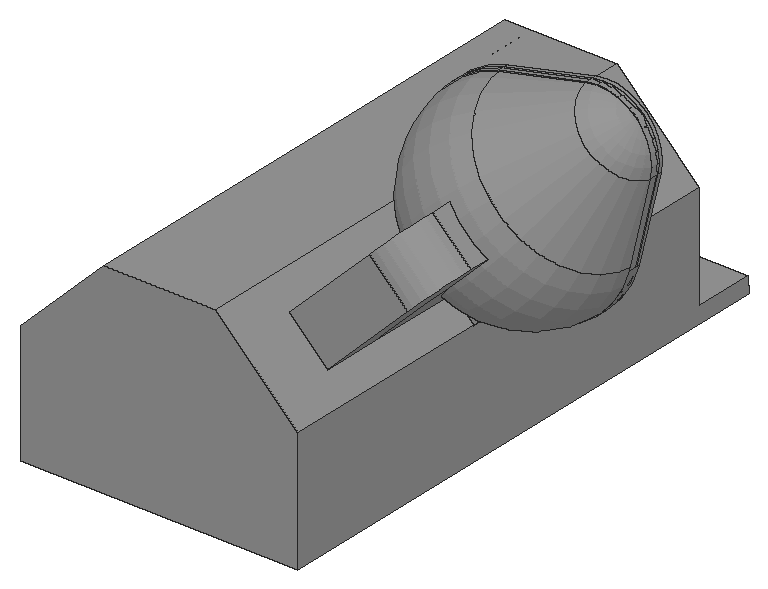
Revit family "Combination-Willoughby-ECW-1847-L-R-ON", category Plumbing Fixtures, Revit 2015
Parameters (values of type "Standard")
  Waste DIA = 2 3/8"
  Waste Connection = yes
  Vent Connection = no
  URL = "https://www.willoughby-ind.com/wp-content/uploads/2017/12/1847.pdf"
  Type Comments = ""
  Revision = "A"
  Lav Waste DIA = 1 1/2"
  Lav Waste Connection = yes
  HW Connection = no
  Flush Inlet DIA = 1 1/2"
  Flush Inlet Connection = yes
  Fixture Body = Stainless Steel AISI 304-Willoughby
  Model = "ECW-1847-L-R-ON"
  Manufacturer = "Willoughby Indistries"
  Description = "1847 Combination Unit, Wall toilet waste outlet, Right toilet, Left Lav. Bowl, On Floor mounted"
  Default Elevation = 0' - 0"
  Contact = "(800) 248-4065"
  CW Connection = no
Reference planes (in)
  plane 1 "Center (Front/Back)": y = 0
  plane 2: z = 0
  plane 3 "Center (Left/Right)": x = 0
  plane 4: x = 3.59375
  plane 5: x = -3.59375
  plane 6: x = 9
  plane 7: x = -9
  plane 8: z = 7.9375
  plane 9: z = 13.25
  plane 10: z = 1.0625
  plane 11 "Lav. Waste Right Opt.": x = 2.25
  plane 12: y = 11.5
  plane 13: y = 15
  plane 14: y = 20.5
  plane 15: y = 24.5
  plane 16 "Flush Inlet Left Opt.": x = 6.375
  plane 17 "Lav. WasteLeft Opt.": x = -2.25
  plane 18: x = -6.375
  plane 19: through (25.82094, 15.25, 8.1905) normal (0.7071, 0, 0.7071)
  plane 20: through (24.3858, 15.25, 16.51993) normal (0.7071, 0, 0.7071)
  plane 21: through (18.18448, 15.25, 18.10708) normal (0.7071, 0, -0.7071)
  plane 22: through (13.94184, 15.25, 22.34972) normal (0.7071, 0, -0.7071)
  plane 23: z = -3
Forms (in)
  Extrusion 1, solid, material "Stainless Steel AISI 304-Willoughby" <- "Fixture Body"
    sketch origin (0, 0, 0) x (1, 0, 0) y (0, 0, 1)
      loop
        line (9, 0) -> (9, 7.9375) -> (3.6875, 13.25) -> (-3.59375, 13.25) -> (-9, 7.84375) -> (-9, 0) -> (9, 0)
    from 0 to -32.5
  Extrusion 2, solid, material "Stainless Steel AISI 304-Willoughby" <- "Fixture Body"
    sketch origin (0, 0, 0) x (1, 0, 0) y (0, 0, 1)
      loop
        line (9, 0) -> (9, 1.0625) -> (-9, 1.0625) -> (-9, 0) -> (9, 0)
    from -32.5 to -36.5
  Revolve 3, solid, material "Stainless Steel AISI 304-Willoughby" <- "Fixture Body"
    sketch origin (0, 11.5, -12.68404) x (0, 0, -1) y (-1, 0, 0)
      loop
        line (-9.67388, 0) -> (-14.18404, 0) -> (-14.18404, -1.1875) -> (-9.67388, -1.1875) -> (-9.67388, 0)
      axis (-14.18404, 0) -> (-9.67388, 0)
    angle from 0 to 360
  Revolve 4, solid, material "Stainless Steel AISI 304-Willoughby" <- "Fixture Body"
    sketch origin (0, 20.5, -12.68404) x (0, 0, -1) y (-1, 0, 0)
      loop
        line (-12.68377, -6.375) -> (-14.18404, -6.375) -> (-14.18404, -7.125) -> (-12.68377, -7.125) -> (-12.68377, -6.375)
      axis (-12.68377, -6.375) -> (-14.18404, -6.375)
    angle from 0 to 360
  Revolve 5, solid, material "Stainless Steel AISI 304-Willoughby" <- "Fixture Body"
    sketch origin (0, 24.5, -7.01223) x (0, 0, -1) y (-1, 0, 0)
      loop
        line (-4.01223, 2.25) -> (-8.51223, 2.25) -> (-8.51223, 1.5) -> (-4.01223, 1.5) -> (-4.01223, 2.25)
      axis (-4.01223, 2.25) -> (-8.51223, 2.25)
    angle from 0 to 360
  Extrusion 6, void
    sketch origin (0, 0, 0) x (-1, 0, 0) y (0, 0, -1)
      loop
        arc (8.03029, -7.13944) -> (8.1929, -6.89611) -> (8.25, -6.60907) r 0.75
        line (8.25, -6.60907) -> (8.25, -4.1875)
        arc (8.25, -4.1875) -> (7.81066, -3.12684) -> (6.75, -2.6875) r 1.5
        line (6.75, -2.6875) -> (1.24411, -2.6875)
        arc (1.24411, -2.6875) -> (0.6082, -2.81399) -> (0.06911, -3.1742) r 1.66169
        line (0.06911, -3.1742) -> (-0.62332, -3.86639)
        arc (-0.62332, -3.86639) -> (-0.94854, -4.35308) -> (-1.06274, -4.92717) r 1.50011
        line (-1.06274, -4.92717) -> (-1.06274, -11.50051)
        arc (-1.06274, -11.50051) -> (-0.69647, -12.38474) -> (0.18776, -12.75101) r 1.2505
        line (0.18776, -12.75101) -> (2.23166, -12.75101)
        arc (2.23166, -12.75101) -> (2.40417, -12.71659) -> (2.55026, -12.61861) r 0.44955
        line (2.55026, -12.61861) -> (8.03029, -7.13944)
    from -32.5 to -27
  Revolve 7, solid, material "Stainless Steel AISI 304-Willoughby" <- "Fixture Body"
    sketch origin (3.42643, 14.75, 7.59167) x (-0.707107, 0, -0.707107) y (-0.707107, 0, 0.707107)
      loop
        arc (-16.25875, -6.02566) -> (-9.22764, -6.08019) -> (-5.69625, 0) r 7
        line (-5.69625, 0) -> (-6.19625, 0)
        arc (-6.19625, 0) -> (-9.4731, -5.64458) -> (-15.99973, -5.59794) r 6.5
        line (-15.99973, -5.59794) -> (-20.8721, -2.57392)
        arc (-20.8721, -2.57392) -> (-21.91777, -1.47245) -> (-22.28998, 0) r 3
        line (-22.28998, 0) -> (-22.79, 0)
        arc (-22.79, 0) -> (-22.35472, -1.71553) -> (-21.13577, -2.99875) r 3.5
        line (-21.13577, -2.99875) -> (-16.25875, -6.02566)
      axis (-22.79, 0) -> (-5.69625, 0)
    angle from 0 to 180
  Extrusion 8, solid, material "Stainless Steel AISI 304-Willoughby" <- "Fixture Body"
    sketch origin (3.27434, 14.75, 7.43957) x (-0.707107, 0, -0.707107) y (-0.707107, 0, 0.707107)
      loop
        arc (-16.31246, -6.11221) -> (-11.15584, -6.77641) -> (-6.96698, -3.69657) r 6.99024
        line (-6.96698, -3.69657) -> (-4.40074, -3.69657) -> (-4.40074, 3.65625) -> (-6.9421, 3.65625)
        arc (-6.9421, 3.65625) -> (-11.2049, 6.78845) -> (-16.44046, 6.03277) r 6.98205
        line (-16.44046, 6.03277) -> (-21.4104, 2.94819)
        arc (-21.4104, 2.94819) -> (-23.00527, 0) -> (-21.4104, -2.94819) r 3.52237
        line (-21.4104, -2.94819) -> (-16.31246, -6.11221)
      loop
        line (-20.34476, -1.63051) -> (-15.05004, -3.88749)
        arc (-15.05004, -3.88749) -> (-8.1517, 0) -> (-15.05004, 3.88749) r 4.54455
        line (-15.05004, 3.88749) -> (-20.34476, 1.63051)
        arc (-20.34476, 1.63051) -> (-21.22494, 0) -> (-20.34476, -1.63051) r 1.95034
    from 0.25 to -0.5
  Extrusion 9, solid, material "Stainless Steel AISI 304-Willoughby" <- "Fixture Body"
    sketch origin (7.10073, 15, 11.26597) x (0, 1, 0) y (0.707107, 0, 0.707107)
      loop
        line (-6.77192, 9.05193) -> (-8.17415, 9.05193)
        arc (-8.17415, 9.05193) -> (-10.09199, 8.25753) -> (-10.88639, 6.33969) r 2.71224
        line (-10.88639, 6.33969) -> (-10.88639, -1.0106) -> (-6.77192, -1.0106) -> (-6.77192, 9.05193)
    from 1.75 to -1.75
  Extrusion 10, solid, material "Stainless Steel AISI 304-Willoughby" <- "Fixture Body"
    sketch origin (7.10073, 15, 11.26597) x (0, 1, 0) y (0.707107, 0, 0.707107)
      loop
        line (-6.77192, -1.0106) -> (-0.75, -1.0106) -> (-0.75, 0.82799)
        arc (-0.75, 0.82799) -> (-4.5139, 2.48885) -> (-6.77192, 5.92785) r 7.26374
        line (-6.77192, 5.92785) -> (-6.77192, -1.0106)
    from 1.75 to -1.75
Cuts and joins
  Extrusion 6 cuts Extrusion 1
  Extrusion 6 cuts Extrusion 2
  joined: Extrusion 1, Extrusion 2
Lines and regions (in)
  symbolic lines
    curve 1: line (0, 4.11361, 13.02332) -> (0, 4.11361, 20.3736)
    curve 2: arc (0, 4.11361, 20.3736) -> (0, 4.90801, 22.29144) -> (0, 6.82585, 23.08584) r 2.71224
    curve 3: line (0, 6.82585, 23.08584) -> (0, 8.17505, 23.08584)
    curve 4: arc (0, 8.17505, 23.08584) -> (0, 7.98409, 21.40603) -> (0, 8.23356, 19.73392) r 6.48846
    curve 5: arc (0, 8.23356, 19.73392) -> (0, 10.47125, 16.32143) -> (0, 14.25, 14.78086) r 6.86789
    curve 6: line (0, 14.25, 14.78086) -> (0, 14.25, 13.25)
    curve 7: line (0, 15, 13.25) -> (0, 15, 31.62784)
    curve 8: line (0, 15, 31.62784) -> (0, 14.25, 31.62784)
    curve 9: arc (0, 14.25, 31.62784) -> (0, 12.63572, 30.94074) -> (0, 11.53028, 29.57838) r 3.64038
    curve 10: line (0, 11.53028, 29.57838) -> (0, 8.72434, 25.09641)
    curve 11: arc (0, 8.72434, 25.09641) -> (0, 8.2298, 24.12684) -> (0, 7.91202, 23.08584) r 6.21394
    curve 12: line (-9, 0, 7.84375) -> (-9, 0, 0)
    curve 13: line (-9, 0, 0) -> (9, 0, 0)
    curve 14: line (9, 0, 0) -> (9, 0, 7.9375)
    curve 15: line (9, 0, 7.9375) -> (3.6875, 0, 13.25)
    curve 16: line (3.6875, 0, 13.25) -> (3.6875, 0, 15.75453)
    curve 17: arc (3.6875, 0, 15.75453) -> (6.79766, 0, 20.03365) -> (6.02566, 0, 25.26701) r 6.99999
    curve 18: line (6.02566, 0, 25.26701) -> (2.99875, 0, 30.14403)
    curve 19: arc (2.99875, 0, 30.14403) -> (0, 0, 31.81223) -> (-2.99875, 0, 30.14403) r 3.52937
    curve 20: line (-2.99875, 0, 30.14403) -> (-5.95383, 0, 25.36449)
    curve 21: arc (-5.95383, 0, 25.36449) -> (-6.80659, 0, 20.0723) -> (-3.65625, 0, 15.73527) r 6.98205
    curve 22: line (-3.65625, 0, 15.73527) -> (-3.65625, 0, 13.1875)
    curve 23: line (-3.65625, 0, 13.1875) -> (-9, 0, 7.84375)
    curve 24: line (-2.55026, 0, 12.61861) -> (-8.03034, 0, 7.13853)
    curve 25: arc (-8.03034, 0, 7.13853) -> (-8.19275, 0, 6.89562) -> (-8.25, 0, 6.60907) r 0.74997
    curve 26: line (-8.25, 0, 6.60907) -> (-8.25, 0, 4.1875)
    curve 27: arc (-8.25, 0, 4.1875) -> (-7.81066, 0, 3.12684) -> (-6.75, 0, 2.6875) r 1.5
    curve 28: line (-6.75, 0, 2.6875) -> (-1.24411, 0, 2.6875)
    curve 29: arc (-1.24411, 0, 2.6875) -> (-0.6082, 0, 2.81399) -> (-0.06911, 0, 3.1742) r 1.66169
    curve 30: line (-0.06911, 0, 3.1742) -> (0.60719, 0, 3.8505)
    curve 31: arc (0.60719, 0, 3.8505) -> (0.93993, 0, 4.34442) -> (1.06274, 0, 4.92717) r 1.55594
    curve 32: line (1.06274, 0, 4.92717) -> (1.06274, 0, 11.50051)
    curve 33: arc (1.06274, 0, 11.50051) -> (0.69647, 0, 12.38474) -> (-0.18776, 0, 12.75101) r 1.2505
    curve 34: line (-0.18776, 0, 12.75101) -> (-2.23166, 0, 12.75101)
    curve 35: arc (-2.23166, 0, 12.75101) -> (-2.40409, 0, 12.7164) -> (-2.55026, 0, 12.61861) r 0.45204
    curve 36: line (0, 0, 0) -> (0, 36.5, 0)
    curve 37: line (0, 36.5, 0) -> (0, 36.5, 1.0625)
    curve 38: line (0, 36.5, 1.0625) -> (0, 32.5, 1.0625)
    curve 39: line (0, 32.5, 1.0625) -> (0, 32.5, 13.25)
    curve 40: line (0, 32.5, 13.25) -> (0, 0, 13.25)
    curve 41: line (0, 0, 13.25) -> (0, 0, 0)
    curve 42: line (0, 15, 13.25) -> (0, 15, 31.62784)
    curve 43: line (0, 15, 31.62784) -> (0, 14.25, 31.62784)
    curve 44: line (0, 4.11361, 13.02332) -> (0, 4.11361, 20.3736)
    curve 45: line (-9, 0, 0) -> (-9, 36.5, 0)
    curve 46: line (-9, 36.5, 0) -> (9, 36.5, 0)
    curve 47: line (9, 36.5, 0) -> (9, 0, 0)
    curve 48: line (9, 0, 0) -> (-9, 0, 0)
    curve 49: line (-1.75, 7.97808, 0) -> (-1.75, 4.11361, 0)
    curve 50: line (-1.75, 4.11361, 0) -> (1.75, 4.11361, 0)
    curve 51: line (1.75, 4.11361, 0) -> (1.75, 7.97808, 0)
    curve 52: line (-6.99724, 14.25, 0) -> (-6.99724, 15, 0)
    curve 53: line (-6.99724, 15, 0) -> (6.99885, 15, 0)
    curve 54: line (6.99885, 15, 0) -> (6.99885, 14.25, 0)
    curve 55: arc (6.99885, 14.25, 0) -> (4.76378, 9.63088, 0) -> (0, 7.72347, 0) r 7.10173
    curve 56: arc (0, 7.72347, 0) -> (-4.80544, 9.58566, 0) -> (-6.99724, 14.25, 0) r 6.93138
    curve 57: line (-9, 32.5, 0) -> (9, 32.5, 0)
    curve 58: line (3.6875, 0, 13.25) -> (-3.59375, 0, 13.25)
Dimensions and locks (in)
  equal spacing: plane 4, plane 3 "Center (Left/Right)", plane 5
  plane 4 to plane 5 = 0' - 7 3/16"
  equal spacing: plane 6, plane 3 "Center (Left/Right)", plane 7
  plane 6 to plane 7 = 1' - 6"
  plane 6 to plane 3 "Center (Left/Right)" = 0' - 9"
  level to plane 9 = 1' - 1 1/4"
  level to plane 8 = 0' - 7 15/16"
  plane 6 to plane 11 "Lav. Waste Right Opt." = 0' - 6 3/4"
  plane 12 to plane 1 "Center (Front/Back)" = 0' - 11 1/2"
  plane 13 to plane 1 "Center (Front/Back)" = 1' - 3"
  plane 14 to plane 1 "Center (Front/Back)" = 1' - 8 1/2"
  plane 15 to plane 1 "Center (Front/Back)" = 2' - 0 1/2"
  locked: plane 1 "Center (Front/Back)" to plane 12 at 11.5
  plane 1 "Center (Front/Back)" to plane 14 = 1' - 8 1/2"
  locked: plane 1 "Center (Front/Back)" to plane 15 at 24.5
  locked: plane 1 "Center (Front/Back)" to plane 13 at 15
  locked: plane 1 "Center (Front/Back)" to cut or joined group of Extrusion 1, Extrusion 2, Extrusion 6 at 32.5
  locked: cut or joined group of Extrusion 1, Extrusion 2, Extrusion 6 to plane 1 "Center (Front/Back)" at 36.5
  locked: plane 7 to plane 6 at 18
  plane 7 to plane 3 "Center (Left/Right)" = 0' - 9"
  plane 6 to plane 16 "Flush Inlet Left Opt." = 0' - 2 5/8"
  plane 17 "Lav. WasteLeft Opt." to plane 7 = 0' - 6 3/4"
  plane 18 to plane 7 = 0' - 2 5/8"
  plane 7 to plane 17 "Lav. WasteLeft Opt." = 0' - 6 3/4"
  plane 16 "Flush Inlet Left Opt." to plane 6 = 0' - 2 5/8"
  plane 21 to plane 22 = 0' - 6"
  aligned and locked: plane 6 to Extrusion 2
  aligned and locked: Extrusion 2 to plane 10
  aligned and locked: Extrusion 2 to plane 7
  aligned and locked: Extrusion 2 to level
  aligned and locked: Revolve 4 sketch curve to Revolve 4 sketch curve  (x2)
  aligned and locked: Revolve 5 sketch curve to Revolve 5 sketch curve  (x2)
Automatic sketch dimensions
  Extrusion 1 sketch curve to level = 0' - 0"
  Extrusion 1 sketch curve to plane 7 = 0' - 0"
  Extrusion 1 sketch curve to plane 5 = 0' - 0"
  Extrusion 1 sketch curve to plane 9 = 0' - 0"
  Extrusion 1 sketch curve to plane 6 = 0' - 0"
  Extrusion 1 sketch curve to plane 8 = 0' - 0"
  plane 4 to Extrusion 1 sketch curve = 0' - 0 3/32"
  Extrusion 1 sketch curve to plane 8 = 0' - 0 3/32"
  Extrusion 2 sketch curve to level = 0' - 0"
  Extrusion 2 sketch curve to plane 7 = 0' - 0"
  Extrusion 2 sketch curve to plane 6 = 0' - 0"
  Extrusion 2 sketch curve to plane 10 = 0' - 0"
  Revolve 3 sketch curve to plane 3 "Center (Left/Right)" = 0' - 0"  (x2)
  Revolve 3 sketch curve to plane 10 = 0' - 0 7/16"
  plane 3 "Center (Left/Right)" to Revolve 3 sketch curve = 0' - 1 3/16"
  Revolve 3 sketch curve to level = 0' - 3.01016"
  Revolve 3 sketch curve to Revolve 3 sketch curve = 0' - 0"
  Revolve 3 sketch curve to Revolve 3 sketch curve = 0' - 0.51016"
  Revolve 4 sketch curve to plane 16 "Flush Inlet Left Opt." = 0' - 0"
  Revolve 4 sketch curve to plane 10 = 0' - 0 7/16"
  plane 16 "Flush Inlet Left Opt." to Revolve 4 sketch curve = 0' - 0 3/4"
  Revolve 4 sketch curve to level = 0' - 0.00027"
  Revolve 4 sketch curve to Revolve 4 sketch curve = 0' - 0"
  Extrusion 6 sketch curve to plane 3 "Center (Left/Right)" = 0' - 1.06274"
  Extrusion 6 sketch curve to plane 3 "Center (Left/Right)" = 0' - 0.62332"
  plane 3 "Center (Left/Right)" to Extrusion 6 sketch curve = 0' - 0.06911"
  plane 3 "Center (Left/Right)" to Extrusion 6 sketch curve = 0' - 0.18776"
  plane 3 "Center (Left/Right)" to Extrusion 6 sketch curve = 0' - 0.43738"
  Extrusion 6 sketch curve to Extrusion 6 sketch curve = 0' - 0.80673"
  Extrusion 6 sketch curve to plane 17 "Lav. WasteLeft Opt." = 0' - 0.01834"
  plane 17 "Lav. WasteLeft Opt." to Extrusion 6 sketch curve = 0' - 0.30026"
  plane 18 to Extrusion 6 sketch curve = 0' - 0 3/8"
  plane 18 to Extrusion 6 sketch curve = 0' - 1 1/8"
  Extrusion 6 sketch curve to Extrusion 6 sketch curve = 0' - 0.53029"
  Extrusion 6 sketch curve to Extrusion 6 sketch curve = 0' - 0.21971"
  plane 10 to Extrusion 6 sketch curve = 0' - 1 5/8"
  Extrusion 6 sketch curve to Extrusion 6 sketch curve = 0' - 0.4867"
  Extrusion 6 sketch curve to Extrusion 6 sketch curve = 0' - 0.69219"
  plane 8 to Extrusion 6 sketch curve = 0' - 1.32843"
  plane 9 to Extrusion 6 sketch curve = 0' - 1.74949"
  Extrusion 6 sketch curve to Extrusion 6 sketch curve = 0' - 0.44955"
  curve 40 to plane 1 "Center (Front/Back)" = 0' - 0"
  curve 6 to plane 9 = 0' - 0"
  plane 12 to curve 7 = 0' - 3 1/2"
  plane 10 to curve 38 = 0' - 0"
  curve 37 to level = 0' - 0"
  curve 44 to plane 9 = 0' - 0.22668"
  curve 44 to plane 1 "Center (Front/Back)" = 0' - 4.11361"
  curve 1 to curve 2 = 0' - 2.71224"
  curve 3 to curve 3 = 0' - 1.3492"
  curve 3 to curve 10 = 0' - 0.54928"
  plane 12 to curve 10 = 0' - 0.03028"
  plane 12 to curve 11 = 0' - 2.49126"
  curve 8 to curve 7 = 0' - 0 3/4"
  plane 12 to curve 6 = 0' - 2 3/4"
  plane 12 to curve 4 = 0' - 2.97156"
  plane 12 to curve 9 = 0' - 3.32655"
  plane 12 to curve 5 = 0' - 3.33634"
  plane 15 to curve 39 = 0' - 8"
  curve 38 to curve 38 = 0' - 4"
  plane 9 to curve 6 = 0' - 1.53086"
  plane 9 to curve 44 = 0' - 7.1236"
  curve 4 to curve 3 = 0' - 1.56657"
  curve 4 to curve 5 = 0' - 0.1044"
  curve 4 to curve 11 = 0' - 0.27978"
  curve 3 to curve 10 = 0' - 2.01057"
  curve 11 to curve 9 = 0' - 6.23435"
  curve 9 to curve 10 = 0' - 1.54498"
  curve 57 to plane 7 = 0' - 0"
  curve 52 to plane 13 = 0' - 0"
  curve 56 to plane 3 "Center (Left/Right)" = 0' - 0"
  curve 55 to plane 3 "Center (Left/Right)" = 0' - 0"
  plane 1 "Center (Front/Back)" to curve 48 = 0' - 0"
  curve 48 to plane 6 = 0' - 0"
  curve 52 to plane 18 = 0' - 0.62224"
  plane 17 "Lav. WasteLeft Opt." to curve 50 = 0' - 0 1/2"
  curve 55 to plane 3 "Center (Left/Right)" = 0' - 0.07958"
  curve 56 to plane 3 "Center (Left/Right)" = 0' - 0.07767"
  curve 51 to plane 11 "Lav. Waste Right Opt." = 0' - 0 1/2"
  plane 3 "Center (Left/Right)" to curve 53 = 0' - 6.99885"
  curve 50 to plane 1 "Center (Front/Back)" = 0' - 4.11361"
  curve 52 to plane 13 = 0' - 0 3/4"
  curve 54 to plane 13 = 0' - 0 3/4"
  plane 15 to curve 45 = 1' - 0"
  curve 55 to curve 51 = 0' - 0.25461"
  curve 55 to curve 49 = 0' - 0.25461"
  curve 57 to curve 46 = 0' - 4"
  curve 12 to plane 7 = 0' - 0"
  curve 58 to plane 5 = 0' - 0"
  curve 19 to plane 3 "Center (Left/Right)" = 0' - 0"
  curve 15 to plane 9 = 0' - 0"
  curve 15 to plane 6 = 0' - 0"
  curve 12 to level = 0' - 0"
  curve 14 to plane 8 = 0' - 0"
  plane 7 to curve 26 = 0' - 0 3/4"
  curve 24 to plane 8 = 0' - 0.79897"
  curve 25 to curve 24 = 0' - 0.21966"
  curve 25 to curve 25 = 0' - 0.74996"
  curve 28 to plane 18 = 0' - 0 3/8"
  plane 18 to curve 20 = 0' - 0.42117"
  curve 22 to plane 5 = 0' - 0 1/16"
  plane 5 to curve 20 = 0' - 0.595"
  curve 24 to plane 17 "Lav. WasteLeft Opt." = 0' - 0.30026"
  plane 17 "Lav. WasteLeft Opt." to curve 34 = 0' - 0.01834"
  plane 17 "Lav. WasteLeft Opt." to curve 35 = 0' - 0.01938"
  plane 17 "Lav. WasteLeft Opt." to curve 28 = 0' - 1.00589"
  curve 31 to plane 3 "Center (Left/Right)" = 0' - 0.49302"
  curve 34 to plane 3 "Center (Left/Right)" = 0' - 0.18776"
  curve 30 to plane 3 "Center (Left/Right)" = 0' - 0.06911"
  curve 21 to plane 3 "Center (Left/Right)" = 0' - 0.01519"
  plane 3 "Center (Left/Right)" to curve 17 = 0' - 0"
  plane 3 "Center (Left/Right)" to curve 30 = 0' - 0.60719"
  plane 3 "Center (Left/Right)" to curve 32 = 0' - 1.06274"
  curve 18 to plane 4 = 0' - 0.595"
  plane 4 to curve 15 = 0' - 0 3/32"
  curve 18 to plane 16 "Flush Inlet Left Opt." = 0' - 0.34934"
  curve 28 to plane 10 = 0' - 1 5/8"
  curve 29 to curve 30 = 0' - 0.4867"
  curve 30 to curve 30 = 0' - 0.6763"
  curve 31 to curve 32 = 0' - 1.07667"
  curve 25 to curve 25 = 0' - 0.53031"
  curve 12 to plane 8 = 0' - 0 3/32"
  curve 32 to plane 9 = 0' - 1.74949"
  curve 35 to curve 34 = 0' - 0.45204"
  curve 22 to plane 9 = 0' - 0 1/16"
  plane 9 to curve 22 = 0' - 2.48527"
  curve 15 to curve 16 = 0' - 2.50453"
  curve 22 to curve 21 = 0' - 5.95749"
  curve 21 to curve 17 = 0' - 0.01175"
  curve 17 to curve 19 = 0' - 6.57835"
  curve 19 to curve 18 = 0' - 1.86117"
  Revolve 7 sketch curve to Revolve 7 sketch curve = 0' - 0"  (x7)
  Revolve 7 sketch curve to plane 19 = 0' - 0"
  Revolve 7 sketch curve to plane 20 = 0' - 1.84366"
  Revolve 7 sketch curve to plane 20 = 0' - 0.26165"
  Revolve 7 sketch curve to plane 21 = 0' - 0.00125"
  plane 20 to Revolve 7 sketch curve = 0' - 0.00202"
  plane 20 to Revolve 7 sketch curve = 0' - 1 5/32"
  Revolve 7 sketch curve to Revolve 7 sketch curve = 0' - 0 1/2"  (x2)
  Revolve 7 sketch curve to plane 19 = 0' - 0.25901"
  Revolve 7 sketch curve to plane 19 = 0' - 3 9/16"
  Revolve 7 sketch curve to plane 21 = 0' - 3"
  Revolve 7 sketch curve to Revolve 7 sketch curve = 0' - 6 1/2"
  Revolve 7 sketch curve to plane 21 = 0' - 0.42608"
  plane 16 "Flush Inlet Left Opt." to Extrusion 8 sketch curve = 1' - 2.12346"
  plane 9 to Extrusion 8 sketch curve = 0' - 7.24433"
  Extrusion 8 sketch curve to Extrusion 8 sketch curve = 0' - 0"  (x2)
  Extrusion 8 sketch curve to Extrusion 8 sketch curve = 0' - 1.06564"  (x2)
  Extrusion 8 sketch curve to Extrusion 8 sketch curve = 0' - 0.86186"
  Extrusion 8 sketch curve to Extrusion 8 sketch curve = 0' - 0.2083"
  Extrusion 8 sketch curve to Extrusion 8 sketch curve = 0' - 4.96994"
  Extrusion 8 sketch curve to Extrusion 8 sketch curve = 0' - 5.09794"
  Extrusion 8 sketch curve to Extrusion 8 sketch curve = 0' - 1.39042"
  Extrusion 8 sketch curve to Extrusion 8 sketch curve = 0' - 1.26242"
  Extrusion 8 sketch curve to Extrusion 8 sketch curve = 0' - 2.14484"
  Extrusion 8 sketch curve to Extrusion 8 sketch curve = 0' - 0.00561"
  Extrusion 8 sketch curve to Extrusion 8 sketch curve = 0' - 0.20334"
  Extrusion 8 sketch curve to Extrusion 8 sketch curve = 0' - 5.72926"
  Extrusion 8 sketch curve to Extrusion 8 sketch curve = 0' - 5.75415"
  Extrusion 8 sketch curve to Extrusion 8 sketch curve = 0' - 2.54136"
  Extrusion 8 sketch curve to Extrusion 8 sketch curve = 0' - 0.74838"
  Extrusion 8 sketch curve to Extrusion 8 sketch curve = 0' - 0.9393"
  Extrusion 8 sketch curve to Extrusion 8 sketch curve = 0' - 2.22472"
  Extrusion 8 sketch curve to Extrusion 8 sketch curve = 0' - 1.31767"
  Extrusion 8 sketch curve to Extrusion 8 sketch curve = 0' - 0.00861"
  Extrusion 8 sketch curve to Extrusion 8 sketch curve = 0' - 1.63051"
  Extrusion 8 sketch curve to Extrusion 8 sketch curve = 0' - 0.0238"
  Extrusion 8 sketch curve to Extrusion 8 sketch curve = 0' - 3 21/32"
  Extrusion 9 sketch curve to plane 1 "Center (Front/Back)" = 0' - 4.11361"
  Extrusion 9 sketch curve to Extrusion 9 sketch curve = 0' - 2.71224"
  Extrusion 9 sketch curve to plane 12 = 0' - 3.27192"
  Extrusion 9 sketch curve to Extrusion 9 sketch curve = 0' - 7.35029"
  Extrusion 10 sketch curve to plane 12 = 0' - 3.27192"
  Extrusion 10 sketch curve to plane 13 = 0' - 0 3/4"
  plane 13 to Extrusion 10 sketch curve = 0' - 0.18041"
  Extrusion 10 sketch curve to Extrusion 10 sketch curve = 0' - 1.83859"
  Extrusion 10 sketch curve to Extrusion 10 sketch curve = 0' - 6.93845"
  Revolve 5 sketch curve to plane 17 "Lav. WasteLeft Opt." = 0' - 0"
  Revolve 5 sketch curve to plane 23 = 0' - 0"
  Revolve 5 sketch curve to plane 10 = 0' - 0 7/16"
  Revolve 5 sketch curve to Revolve 5 sketch curve = 0' - 0 3/4"
  Revolve 5 sketch curve to Revolve 5 sketch curve = 0' - 0"
Connectors (in)
  piping at (0, 11.5, -3.01016), diameter 2.375, driven by "Waste Connection", driven by "Waste DIA"
    settings: on Revolve 3, index 1, connector inside diameter 24", connector length 0' - 0", flow factor 0, pipe flow 0 GPM, pressure drop 0.00 psi, fitting loss kfactor 0, connector angle 0.00°, fixture units 0, engagement length 0' - 0", angle of deflection 0.00°, flow configuration 0, flow direction 2, fitting loss method 0, system type 16, joint type 0, gender type 0, connector reference index -1, connector utility 1, adjustable connector no, is connector primary yes, connector description "Toilet Waste"
  piping at (6.375, 20.5, -0.00027), diameter 1.5, driven by "Flush Inlet DIA", driven by "Flush Inlet Connection"
    settings: on Revolve 4, index 2, connector inside diameter 24", connector length 0' - 0", flow factor 0, pipe flow 0 GPM, pressure drop 0.00 psi, fitting loss kfactor 0, connector angle 0.00°, fixture units 0, engagement length 0' - 0", angle of deflection 0.00°, flow configuration 0, flow direction 1, fitting loss method 0, system type 20, joint type 0, gender type 0, connector reference index -1, connector utility 1, adjustable connector no, is connector primary no, connector description "Flush Inlet"
  piping at (-2.25, 24.5, -3), diameter 1.5, driven by "Lav Waste DIA", driven by "Lav Waste Connection"
    settings: on Revolve 5, index 3, connector inside diameter 24", connector length 0' - 0", flow factor 0, pipe flow 0 GPM, pressure drop 0.00 psi, fitting loss kfactor 0, connector angle 0.00°, fixture units 0, engagement length 0' - 0", angle of deflection 0.00°, flow configuration 0, flow direction 2, fitting loss method 0, system type 16, joint type 0, gender type 0, connector reference index -1, connector utility 1, adjustable connector no, is connector primary no, connector description "Sink Waste"
